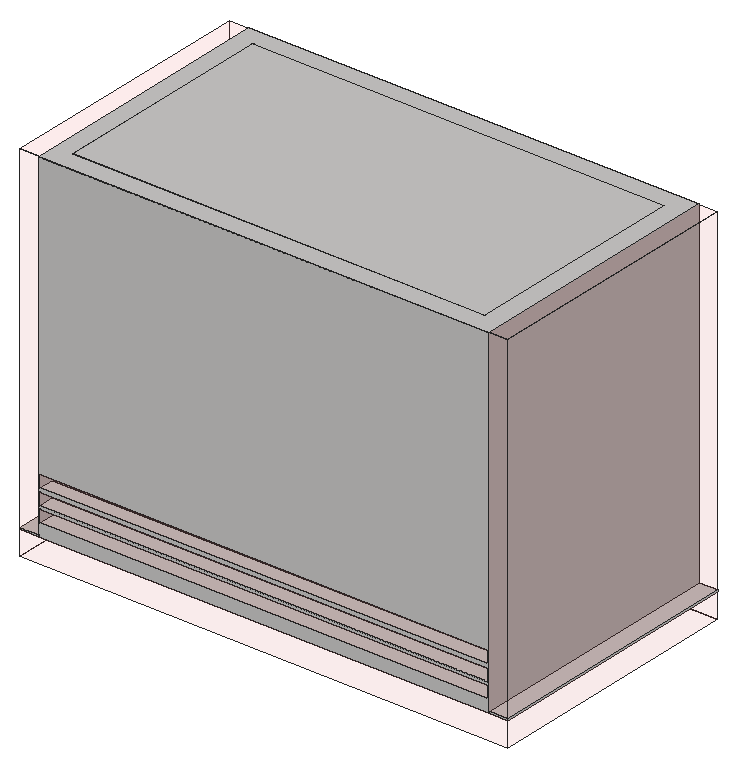
Revit family "Air-Curtain_Specialty_PoweredAire_HDC-Corrosive", category Mechanical Equipment, host Face, Revit 2019
Family settings
  Host = Face
  Round Connector Dimension = Use Diameter
  Part Type = Normal
  OmniClass Number = 23.75.35.17.21
  OmniClass Title = Air Curtains
  Cut with Voids When Loaded = No
  Shared = No
  Room Calculation Point = No
Parameters
  Warranty Duration (Years) = 0
  Unit Width Notes = "Other Widths available."  # constant formula
  Unit Width = 3' - 3"
  Unit Weight = 0
  Unit Height = 1' - 9"
  Unit Depth = 2' - 3 1/4"
  URL = "http://www.poweredaire.com/"
  Test Data = ""
  Standards Conformance = "as Specified"
  Specification = "http://www.arcat.com/sdspecs/htm04/23_34_33pai.htm"
  SpecWizard = ""
  Sound Pressure = "as Specified"
  Sales Information = "http://www.poweredaire.com/contact_us"
  Revision = "R1_2016-08"
  Projection from Host [instance] = 0' - 2"
  Product Properties = ""
  Product Data = "http://www.arcat.com/arcatcos/cos47/arc47623.html"
  Power Rating = 0 W
  Nozzle Width = if(1 = 1, Unit Width - 0' 3", 0' 0")  # 3' - 0"
  Mounting Width = if(1 = 1, Unit Width - 0' 1 1/2", 0' 0")  # 3' - 1 1/2"
  Mounting Height [instance] = 3' - 6"
  Motor RPM = 0
  Motor HP = 0
  Motor Count = 0
  Model = "As Specified"
  Max Height = 0' - 0"
  Manufacturer Website = "http://www.poweredaire.com/"
  Manufacturer Phone - Toll Free = "888-321-2473"
  Manufacturer Phone = "724-588-3305"
  Manufacturer Fax = "724-588-3371"
  Manufacturer Address = "109 Mortensen Rd.  Greenville, PA 16125"
  Manufacturer = "Powered Aire, Inc"
  Maintenance Schedule (Months) = 0
  Keynote = "23 34 33"
  Installation-Fabrication = ""
  Installation Phase = ""
  Include Clearance [instance] = yes
  Heating Element Load = 0 W
  HVAC_Temperature Rise = 0 °F
  HVAC_Outlet Volume = 0 CFM
  HVAC_Outlet Velocity Uniformity = 0
  HVAC_Outlet Velocity = 0 FPM
  Green Building-LEED = "http://www.arcat.com/green/clients/leed_data_47623.html"
  Front Grating Material [instance] = Metal - Steel - PoweredAire - Stainless 304 Perforated
  Frame Finish [instance] = Metal - Steel - PoweredAire - Stainless 304
  Expected Lifespan (Years) = 0
  Electrical_Wattage [instance] = Power Rating + Heating Element Load  # 0 W
  Electrical_Voltage [instance] = 0 V
  Electrical_Phase [instance] = 1
  Electrical_Frequency [instance] = 0 Hz
  Electrical_Amperage [instance] = 0 A
  Drawn By = "Sumex Design, Inc. / Robert S. Weygant, CSI, CDT, SCIP"
  Description = "Powered Aire Air Curtain as Specified"
  Default Elevation = 0' - 0"  # constant formula
  Copyright = "©Arcat Inc."
  Construction Details = "http://www.arcat.com/details/powair/prod3336.html"
  Clearance_Top [instance] = 0' - 0"
  Clearance_Side B [instance] = 0' - 0"
  Clearance_Side A [instance] = 0' - 0"
  Clearance_Intake [instance] = 0' - 0"
  Clearance_Bottom [instance] = 0' - 0"
  Clearance Material [instance] = ARCAT Clearance
  Building Codes = ""
  Available Options [instance] = "as Specified"
  Assembly Code = "D3090400"
Reference planes (in)
  plane 1 "Center (Elevation)": y = 10.63818
  plane 2: z = 0
  plane 3 "Center (Left/Right)": x = 0
  plane 4: y = 21.13818
  plane 5 "BoC": y = 0.13818
  plane 6: x = -19.5
  plane 7: x = 19.5
  plane 8: z = 29.25
  plane 9 "FF": y = -41.86182
  plane 10: z = 2
  plane 11: x = 18
  plane 12: x = -18
  plane 13: y = 21.13818
  plane 14: y = 0.13818
  plane 15: x = -19.5
  plane 16: x = 19.5
  plane 17: z = 29.25
  plane 18: y = 0.13818
  plane 19: x = 17.9375
  plane 20: x = -17.9375
Forms (in)
  Extrusion 1, solid, material "ARCAT Clearance" <- "Clearance Material", visible <- "Include Clearance"
    sketch origin (0, 0, 0) x (0, 1, 0) y (0, 0, 1)
      loop
        line (0.13818, 29.25) -> (0.13818, 0) -> (21.13818, 0) -> (21.13818, 29.25) -> (0.13818, 29.25)
    from -19.5 to 19.5
  Extrusion 2, solid, material "Metal - Steel - PoweredAire - Stainless 304" <- "Frame Finish"
    sketch origin (0, 10.63818, 0) x (1, 0, 0) y (0, 0, 1)
      loop
        line (18, 29.25) -> (-18, 29.25) -> (-18, 2) -> (18, 2) -> (18, 29.25)
    from -10.5 to 10.5
  Extrusion 3, void
    sketch origin (0, 0, 0) x (0, 1, 0) y (0, 0, 1)
      loop
        line (0.13818, 4) -> (0.13818, 3) -> (1.63818, 3) -> (1.63818, 6.5) -> (0.13818, 6.5) -> (0.13818, 5.5) -> (1.38818, 5.5) -> (1.38818, 5.25) -> (0.13818, 5.25) -> (0.13818, 4.25) -> (1.38818, 4.25) -> (1.38818, 4) -> (0.13818, 4)
    from -17.9375 to 17.9375
  Extrusion 4, solid, material "Metal - Steel - PoweredAire - Stainless 304 Perforated" <- "Front Grating Material"
    sketch origin (18, 10.63818, 29.25) x (-1, 0, 0) y (0, -1, 0)
      loop
        line (1.5, -9) -> (34.5, -9) -> (34.5, 9) -> (1.5, 9) -> (1.5, -9)
    from 0 to 0.03125
  Extrusion 5, solid, material "Metal - Steel - PoweredAire - Stainless 304" <- "Frame Finish"
    sketch origin (-15.17702, -180, 2) x (-1, 0, 0) y (0, -1, 0)
      loop
        line (4.32298, -201.13818) -> (4.32298, -180.13818) -> (2.82298, -180.13818) -> (2.82298, -201.13818) -> (4.32298, -201.13818)
      loop
        line (-34.67702, -201.13818) -> (-33.17702, -201.13818) -> (-33.17702, -180.13818) -> (-34.67702, -180.13818) -> (-34.67702, -201.13818)
    from 0 to 0.125
Cuts and joins
  Extrusion 3 cuts Extrusion 2
Dimensions and locks (in)
  equal spacing: plane 4, plane 1 "Center (Elevation)", plane 5 "BoC"
  "Unit Height": plane 4 to plane 5 "BoC"
  equal spacing: plane 6, plane 3 "Center (Left/Right)", plane 7
  "Unit Width": plane 6 to plane 7
  "Mounting Height": plane 5 "BoC" to plane 9 "FF"
  "Projection from Host": plane 10 to level
  "Unit Depth": plane 8 to plane 10
  locked: plane 6 to plane 12 at 1.5
  locked: plane 11 to plane 7 at 1.5
  "Clearance_Side A": plane 7 to plane 16
  "Clearance_Side B": plane 15 to plane 6
  "Clearance_Top": plane 13 to plane 4
  "Clearance_Bottom": plane 5 "BoC" to plane 14
  "Clearance_Intake": plane 17 to plane 8
  locked: plane 7 to Extrusion 2 sketch curve at 1.5
  locked: Extrusion 2 sketch curve to plane 6 at 1.5
  locked: plane 18 to plane 5 "BoC" at 0
  locked: plane 12 to Extrusion 4 sketch curve at 1.5
  locked: Extrusion 4 sketch curve to plane 11 at 1.5
  locked: Extrusion 4 sketch curve to plane 5 "BoC" at 1.5
  locked: plane 20 to plane 12 at 0.0625
  locked: plane 11 to plane 19 at 0.0625
  Extrusion 3 sketch curve to Extrusion 3 sketch curve to Extrusion 3 sketch curve to Extrusion 3 sketch curve to Extrusion 3 sketch curve to Extrusion 3 sketch curve to plane 10 = 0' - 1" locked, 0' - 0 1/4" locked, 0' - 1" locked, 0' - 0 1/4" locked, 0' - 1" locked, 0' - 1" locked
  locked: plane 4 to Extrusion 4 sketch curve at 1.5
  aligned and locked: plane 2 to host face
  aligned and locked: level to host face
  aligned and locked: Extrusion 1 sketch curve to plane 17
  aligned and locked: plane 14 to Extrusion 1 sketch curve
  aligned and locked: level to Extrusion 1 sketch curve
  aligned and locked: Extrusion 1 sketch curve to plane 13
  aligned and locked: plane 16 to Extrusion 1
  aligned and locked: Extrusion 1 to plane 15
  aligned and locked: Extrusion 2 to plane 4
  aligned and locked: Extrusion 2 to plane 18
  aligned and locked: Extrusion 2 sketch curve to plane 10
  aligned and locked: Extrusion 3 to plane 20
  aligned and locked: plane 19 to Extrusion 3
  aligned and locked: Extrusion 2 sketch curve to plane 8
  aligned and locked: plane 7 to Extrusion 5 sketch curve
  aligned and locked: Extrusion 5 sketch curve to plane 11
  aligned and locked: plane 6 to Extrusion 5 sketch curve
  aligned and locked: Extrusion 5 sketch curve to plane 12
  aligned and locked: plane 18 to Extrusion 5 sketch curve  (x2)
  aligned and locked: Extrusion 5 sketch curve to plane 4  (x2)
Automatic sketch dimensions
  host sketch curve to host sketch curve = 8' - 0"  (x2)
  Extrusion 3 sketch curve to plane 5 "BoC" = 0' - 0"  (x3)
  plane 18 to Extrusion 3 sketch curve = 0' - 1 1/4"
  Extrusion 3 sketch curve to Extrusion 3 sketch curve = 0' - 0"
  Extrusion 3 sketch curve to Extrusion 3 sketch curve = 0' - 0 1/4"
Connectors (in)
  electrical at (-18, 10.63818, 15.625), driven by "Electrical_Voltage", driven by "Electrical_Phase"
    settings: on cut or joined group of Extrusion 2, Extrusion 3, index 1, voltage 0 V, apparent load 0 VA, apparent load phase1 0 VA, apparent load phase2 0 VA, apparent load phase3 0 VA, power factor 1, load classification "Other", number of poles 1, system type 31, power factor state 1, is connector primary yes, connector utility no, sub classification motor no, connector description ""
